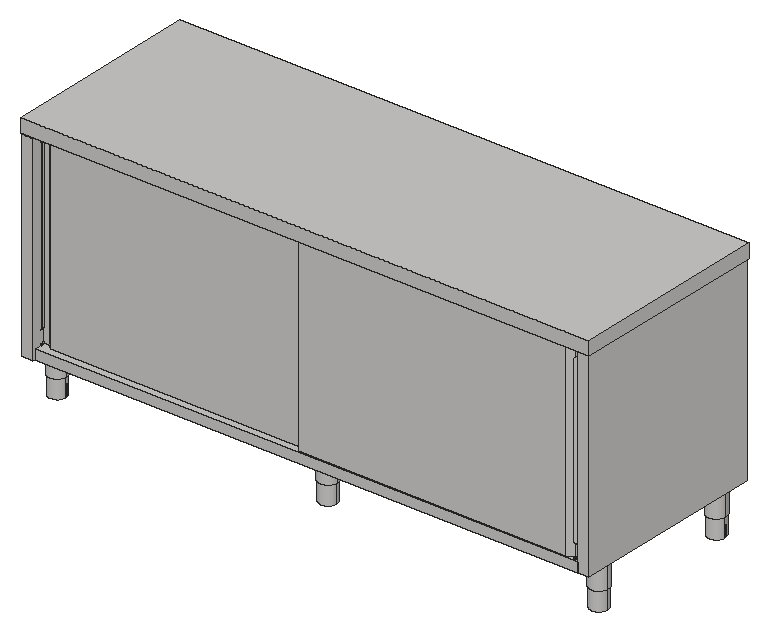
Revit family "QF_ELECTROLUXPROFESSIONAL_132870_MSP2007N", category Attrezzature speciali, Revit 2020
Family settings
  Quota connettore circolare = Usa diametro
  Tipo di parte = Normale
  Basato su piano di lavoro = No
  Sempre verticale = Sì
  Taglio con vuoti quando caricato = No
  Condiviso = No
  Punto di calcolo locali = No
Parameters (values of type "Standard")
  Weight = 75.00 kg
  Watts = 0 W
  Volts = 0 V
  URL Manufacturer = "https://www.electroluxprofessional.com/"
  URL = "https://www.electroluxprofessional.com/"
  Steam Supply Size = 0 mm
  Steam Supply Minimum Pressure = 0.0 Pa
  Steam Supply Maximum Pressure = 0.0 Pa
  Steam Consumption per Hour = 0
  Refrigeration Suction Line Size = 0.0 mm
  Refrigeration Liquid Line Size = 0.0 mm
  Refrigerant Compressor Remote = yes
  Prospetto di default = 0.0 mm
  Phase = 0
  Modello = "MSP2007N"
  Produttore = "Electrolux Professional"
  Length Actual = 2000.0 mm  # constant formula
  Item Number = "132870"
  Hot Water Size = 0 mm
  Height Actual = 900.0 mm  # constant formula
  HP = "0 HP"
  Gas Size = 0 mm
  Gas KW = 0
  Gas Input Pressure = 0 W
  Direct Waste Size = 0 mm
  Descrizione = "WORKTOP CUPBOARD PASSTHROUGH 2000MM"
  Depth Actual = 700.0 mm  # constant formula
  Cycle = 0 Hz
  Condensate Return Size = 0 mm
  Compressed Air Volume = 0.0 L/s
  Compressed Air Size = 0 mm
  Compressed Air Pressure = 0.0 Pa
  Cold Water Size = 0 mm
  Accessory = yes
Reference planes
  plane 1 "Center (Front/Back)": y = 0
  plane 2: z = 0
  plane 3 "Center (Left/Right)": x = -300
  plane 4 "LEFT": x = -1300
  plane 5 "RIGHT": x = 700
  plane 6 "BACK": y = 350
  plane 7 "FRONT": y = -350
  plane 8 "TOP": z = 900
  plane 9: x = -1252
  plane 10: x = 652
  plane 11: y = 270
  plane 12: y = -247
  plane 13 "FEET": z = 150
  plane 14: x = -1254.5
  plane 15: y = -344.5
  plane 16: x = 654.5
  plane 17: x = -326.5
  plane 18: x = -273.5
  plane 19 "BaseTop": z = 850
  plane 20: x = -1294.5
  plane 21: x = 694.5
  plane 22: y = 344.5
Forms (mm)
  Extrusion 1, solid, material "QF_Finishes_Stainless Steel"
    sketch origin (0, 0, 150) x (-1, 0, 0) y (0, -1, 0)
      loop
        line (1294.5, -350) -> (1294.5, 350) -> (1254.5, 350) -> (1254.5, -350) -> (1294.5, -350)
      loop
        line (-654.5, -350) -> (-654.5, 344.5) -> (-694.5, 344.5) -> (-694.5, -350) -> (-654.5, -350)
    from 0 to 700
  Extrusion 2, solid, material "QF_Finishes_Stainless Steel"
    sketch origin (0, 0, 150) x (-1, 0, 0) y (0, -1, 0)
      loop
        line (1254.5, -347) -> (1254.5, 344.5) -> (-654.5, 344.5) -> (-654.5, -347) -> (1254.5, -347)
    from 0 to 35
  Extrusion 3, solid, material "QF_Finishes_Stainless Steel"
    sketch origin (33, 0, 150) x (-1, 0, 0) y (0, -1, 0)
      loop
        line (306.5, 324.5) -> (306.5, 304.5) -> (1285, 304.5) -> (1285, 319.071) -> (1277.942, 326.129) -> (1276.312, 324.5) -> (1283, 317.812) -> (1283, 309.5) -> (1266.034, 309.5) -> (1246.034, 324.5) -> (306.5, 324.5)
    from 700 to 40
  Extrusion 4, void
    sketch origin (0, -350, 0) x (-1, 0, 0) y (0, 0, 1)
      loop
        line (1242.418, 247.973) -> (1242.418, 191.4) -> (1254.5, 191.4) -> (1254.5, 229.369) -> (1242.418, 247.973)
      loop
        line (1242.418, 816.627) -> (1254.5, 835.231) -> (1254.5, 850) -> (1242.418, 850) -> (1242.418, 816.627)
    from 20.5 to 40.5
  Extrusion 5, solid, material "QF_Finishes_Stainless Steel"
    sketch origin (0, 0, 150) x (-1, 0, 0) y (0, -1, 0)
      loop
        line (-654.5, -350) -> (1254.5, -350) -> (1254.5, -327) -> (-654.5, -327) -> (-654.5, -350)
    from 700 to 35
  Extrusion 6, solid, material "QF_Finishes_Stainless Steel"
    sketch origin (0, 0, 850) x (-1, 0, 0) y (0, -1, 0)
      loop
        line (1300, 350) -> (-700, 350) -> (-700, -350) -> (1300, -350) -> (1300, 350)
    from 0 to 50
  Extrusion 7, solid, material "QF_Finishes_Stainless Steel"
    sketch origin (-633, 0, 150) x (1, 0, 0) y (0, 1, 0)
      loop
        line (306.5, -344.5) -> (1246.034, -344.5) -> (1266.034, -329.5) -> (1283, -329.5) -> (1283, -337.812) -> (1276.312, -344.5) -> (1277.942, -346.129) -> (1285, -339.071) -> (1285, -324.5) -> (306.5, -324.5) -> (306.5, -344.5)
    from 700 to 40
  Extrusion 8, void
    sketch origin (-600, -350, 0) x (1, 0, 0) y (0, 0, -1)
      loop
        line (1242.418, -247.973) -> (1254.5, -229.369) -> (1254.5, -191.4) -> (1242.418, -191.4) -> (1242.418, -247.973)
      loop
        line (1242.418, -816.627) -> (1242.418, -850) -> (1254.5, -850) -> (1254.5, -835.231) -> (1242.418, -816.627)
    from 2.538 to 20.5
Cuts and joins
  Extrusion 4, Extrusion 8 cuts Extrusion 3
  Extrusion 8 cuts Extrusion 1
  Extrusion 8 cuts Extrusion 7
Lines and regions (mm)
  symbolic lines, style "SpecialityEquipmentHiddenLines"
    curve 1: line (-1251.5, -324.5, 1600) -> (-1251.5, -329.5, 1600)
    curve 6: line (-326.5, -324.5, 200) -> (-326.5, -344.5, 200)
    curve 7: line (-1252, -304.5, 850) -> (-273.5, -304.5, 850)
    curve 8: line (-273.5, -304.5, 850) -> (-273.5, -324.5, 850)
    curve 9: line (-273.5, -324.5, 850) -> (-1213.034, -324.5, 850)
    curve 10: line (-1213.034, -324.5, 850) -> (-1233.034, -309.5, 850)
    curve 11: line (-1233.034, -309.5, 850) -> (-1252, -309.5, 850)
    curve 12: line (-1252, -309.5, 850) -> (-1252, -304.5, 850)
    curve 13: line (-326.5, -344.5, 850) -> (613.034, -344.5, 850)
    curve 14: line (613.034, -344.5, 850) -> (633.034, -329.5, 850)
    curve 15: line (633.034, -329.5, 850) -> (652, -329.5, 850)
    curve 16: line (652, -329.5, 850) -> (652, -324.5, 850)
    curve 17: line (652, -324.5, 850) -> (-273.5, -324.5, 850)
  symbolic lines, style "SpecialityEquipment"
    curve 2: line (-1300, 350, 850) -> (700, 350, 850)
    curve 3: line (-1300, -350, 850) -> (-1300, 350, 850)
    curve 4: line (700, -350, 850) -> (-1300, -350, 850)
    curve 5: line (700, 350, 850) -> (700, -350, 850)
Dimensions and locks
  plane 4 "LEFT" to plane 5 "RIGHT" = 2000.0 mm
  equal spacing: plane 4 "LEFT", plane 3 "Center (Left/Right)", plane 5 "RIGHT"
  plane 6 "BACK" to plane 7 "FRONT" = 700.0 mm
  equal spacing: plane 6 "BACK", plane 1 "Center (Front/Back)", plane 7 "FRONT"
  locked: plane 13 "FEET" to level at 150
  locked: plane 4 "LEFT" to plane 9 at 48
  locked: plane 10 to plane 5 "RIGHT" at 48
  locked: plane 6 "BACK" to plane 11 at 80
  locked: plane 12 to plane 7 "FRONT" at 103
  locked: plane 8 "TOP" to level at 900
  locked: plane 17 to plane 18 at 53
  equal spacing: plane 17, plane 3 "Center (Left/Right)", plane 18
  locked: plane 8 "TOP" to plane 19 "BaseTop" at 50
  plane 4 "LEFT" to plane 20 = 5.5 mm
  locked: plane 20 to plane 14 at 40
  locked: plane 16 to plane 21 at 40
  locked: plane 21 to plane 5 "RIGHT" at 5.5
  plane 15 to plane 7 "FRONT" = 5.5 mm  (x2)
  plane 6 "BACK" to plane 22 = 5.5 mm
  aligned and locked: level to plane 2
  aligned and locked: plane 9 to nested 1
  aligned and locked: plane 10 to nested 2
  aligned and locked: nested 4 to plane 11
  aligned and locked: plane 9 to nested 3
  aligned and locked: nested 3 to plane 11
  aligned and locked: plane 6 "BACK" to Extrusion 1 sketch curve
  aligned and locked: Extrusion 1 sketch curve to plane 6 "BACK"
  aligned and locked: Extrusion 1 sketch curve to plane 7 "FRONT"
  aligned and locked: plane 14 to Extrusion 1
  aligned and locked: Extrusion 2 to plane 14
  aligned and locked: Extrusion 2 to plane 15
  aligned and locked: nested 1 to plane 12
  aligned and locked: nested 2 to plane 12
  aligned and locked: Extrusion 2 sketch curve to plane 16
  aligned and locked: plane 18 to Extrusion 3
  aligned and locked: nested 4 to nested 2
  aligned and locked: plane 16 to Extrusion 5
  aligned and locked: Extrusion 5 to plane 14
  aligned and locked: plane 19 "BaseTop" to Extrusion 3
  aligned and locked: plane 19 "BaseTop" to Extrusion 5
  aligned and locked: plane 19 "BaseTop" to cut or joined group of Extrusion 1, Extrusion 8
  aligned and locked: plane 19 "BaseTop" to cut or joined group of Extrusion 7, Extrusion 8
  aligned and locked: nested 6 to nested 5
Automatic sketch dimensions
  Extrusion 6 sketch curve to plane 5 "RIGHT" = 0.0 mm
  Extrusion 6 sketch curve to plane 4 "LEFT" = 0.0 mm
  Extrusion 6 sketch curve to plane 6 "BACK" = 0.0 mm
  Extrusion 6 sketch curve to plane 7 "FRONT" = 0.0 mm
  Extrusion 1 sketch curve to plane 15 = 0.0 mm
  Extrusion 1 sketch curve to plane 21 = 0.0 mm
  Extrusion 1 sketch curve to plane 16 = 0.0 mm
  Extrusion 1 sketch curve to plane 14 = 0.0 mm
  Extrusion 1 sketch curve to plane 20 = 0.0 mm
  Extrusion 2 sketch curve to plane 14 = 0.0 mm
  Extrusion 2 sketch curve to plane 15 = 0.0 mm
  plane 22 to Extrusion 2 sketch curve = 2.5 mm
  Extrusion 3 sketch curve to plane 18 = 0.0 mm
  Extrusion 3 sketch curve to plane 9 = 0.0 mm
  plane 9 to Extrusion 3 sketch curve = 38.966 mm
  plane 9 to Extrusion 3 sketch curve = 18.966 mm
  plane 9 to Extrusion 3 sketch curve = 8.688 mm
  Extrusion 3 sketch curve to Extrusion 3 sketch curve = 1.629 mm
  plane 9 to Extrusion 3 sketch curve = 2.0 mm
  plane 15 to Extrusion 3 sketch curve = 40.0 mm
  Extrusion 3 sketch curve to Extrusion 3 sketch curve = 5.0 mm
  Extrusion 3 sketch curve to Extrusion 3 sketch curve = 8.312 mm
  Extrusion 3 sketch curve to Extrusion 3 sketch curve = 1.259 mm
  plane 15 to Extrusion 3 sketch curve = 20.0 mm
  Extrusion 4 sketch curve to plane 19 "BaseTop" = 0.0 mm
  Extrusion 4 sketch curve to plane 14 = 0.0 mm  (x2)
  plane 9 to Extrusion 4 sketch curve = 9.582 mm  (x2)
  Extrusion 4 sketch curve to Extrusion 4 sketch curve = 14.769 mm
  Extrusion 4 sketch curve to Extrusion 4 sketch curve = 18.604 mm  (x2)
  plane 13 "FEET" to Extrusion 4 sketch curve = 97.973 mm
  Extrusion 4 sketch curve to Extrusion 4 sketch curve = 37.969 mm
  plane 9 to curve 1 = 0.5 mm
  plane 15 to curve 1 = 20.0 mm
  curve 1 to curve 1 = 5.0 mm
  curve 6 to plane 15 = 0.0 mm
  curve 6 to plane 17 = 0.0 mm
  plane 15 to curve 6 = 20.0 mm
  Extrusion 5 sketch curve to plane 6 "BACK" = 0.0 mm
  Extrusion 5 sketch curve to plane 16 = 0.0 mm
  Extrusion 5 sketch curve to plane 14 = 0.0 mm
  plane 22 to Extrusion 5 sketch curve = 17.5 mm
  curve 2 to plane 5 "RIGHT" = 0.0 mm
  curve 16 to plane 10 = 0.0 mm
  curve 14 to plane 15 = 0.0 mm
  curve 9 to plane 18 = 0.0 mm
  curve 13 to plane 17 = 0.0 mm
  curve 12 to plane 9 = 0.0 mm
  curve 3 to plane 4 "LEFT" = 0.0 mm
  curve 2 to plane 6 "BACK" = 0.0 mm
  curve 4 to plane 7 "FRONT" = 0.0 mm
  curve 15 to plane 10 = 18.966 mm
  curve 14 to curve 14 = 20.0 mm
  plane 9 to curve 9 = 38.966 mm
  curve 10 to curve 11 = 18.966 mm
  plane 15 to curve 8 = 40.0 mm
  curve 7 to curve 12 = 5.0 mm
  curve 7 to curve 9 = 20.0 mm
  curve 16 to curve 15 = 5.0 mm
  Extrusion 7 sketch curve to plane 17 = 0.0 mm
  Extrusion 7 sketch curve to plane 15 = 0.0 mm  (x2)
  Extrusion 7 sketch curve to plane 10 = 0.0 mm
  plane 10 to Extrusion 7 sketch curve = 38.966 mm
  plane 10 to Extrusion 7 sketch curve = 18.966 mm
  plane 10 to Extrusion 7 sketch curve = 8.688 mm
  plane 15 to Extrusion 7 sketch curve = 1.629 mm
  Extrusion 7 sketch curve to Extrusion 7 sketch curve = 1.629 mm
  plane 10 to Extrusion 7 sketch curve = 2.0 mm
  Extrusion 7 sketch curve to plane 15 = 15.0 mm
  Extrusion 7 sketch curve to Extrusion 7 sketch curve = 5.0 mm
  Extrusion 8 sketch curve to plane 19 "BaseTop" = 0.0 mm
  Extrusion 8 sketch curve to plane 16 = 0.0 mm  (x2)
  plane 10 to Extrusion 8 sketch curve = 9.582 mm  (x2)
  plane 19 "BaseTop" to Extrusion 8 sketch curve = 14.769 mm
  Extrusion 8 sketch curve to Extrusion 8 sketch curve = 18.604 mm  (x2)
  Extrusion 8 sketch curve to plane 13 "FEET" = 97.973 mm
  Extrusion 8 sketch curve to Extrusion 8 sketch curve = 37.969 mm
Nested families
  nested 1: "FEET_D60-150" at (-1252, -247, 0), type "FEET_D60-150"
  nested 2: "FEET_D60-150" at (652, -247, 0), type "FEET_D60-150"
  nested 3: "FEET_D60-150" at (-1252, 270, 0), type "FEET_D60-150"
  nested 4: "FEET_D60-150" at (652, 270, 0), type "FEET_D60-150"
  nested 5: "FEET_D60-150" at (-300, -247, 0), type "FEET_D60-150"
  nested 6: "FEET_D60-150" at (-300, 270, 0), type "FEET_D60-150"
Definition of nested family "FEET_D60-150"
  Parameters
    Default Elevation = 0.0 mm
    FEET = 150.0 mm
  Reference planes
    plane 1 "Center (Front/Back)": y = 0
    plane 2: z = 0
    plane 3 "Center (Left/Right)": x = 0
    plane 4: z = 150
  Forms (mm)
    Extrusion 1, solid
      sketch origin (0, 0, 0) x (1, 0, 0) y (0, 1, 0)
        loop
          circle (0, 0) r 28
      from 0 to 67
    Revolve 2, solid
      sketch origin (0, 0, 0) x (1, 0, 0) y (0, 0, 1)
        loop
          line (0, 0) -> (0, 150) -> (-32.939, 150) -> (-32.939, 67) -> (-30, 67) -> (-30, 0) -> (0, 0)
        axis (0, 150) -> (0, 0)
      angle from 0 to 360
  Lines and regions (mm)
    symbolic lines
      curve 1: line (0, -1.503, 0) -> (0, 1.508, 0)
      curve 2: line (1.561, 0, 0) -> (-1.439, 0, 0)
  Dimensions and locks
    "FEET": plane 4 to plane 2
    aligned and locked: level to plane 2
  Automatic sketch dimensions
    plane 1 "Center (Front/Back)" to Extrusion 1 sketch curve = 0.0 mm
    Extrusion 1 sketch curve to plane 3 "Center (Left/Right)" = 0.0 mm
    plane 1 "Center (Front/Back)" to curve 2 = 0.0 mm
    curve 1 to plane 3 "Center (Left/Right)" = 0.0 mm
    curve 2 to plane 3 "Center (Left/Right)" = 1.439 mm
    plane 3 "Center (Left/Right)" to curve 2 = 1.561 mm
    plane 1 "Center (Front/Back)" to curve 1 = 1.503 mm
    curve 1 to plane 1 "Center (Front/Back)" = 1.508 mm
    Revolve 2 sketch curve to plane 4 = 0.0 mm
    Revolve 2 sketch curve to level = 0.0 mm
    Revolve 2 sketch curve to plane 3 "Center (Left/Right)" = 0.0 mm  (x2)
    Revolve 2 sketch curve to plane 3 "Center (Left/Right)" = 30.0 mm
    Revolve 2 sketch curve to plane 3 "Center (Left/Right)" = 32.939 mm
    level to Revolve 2 sketch curve = 67.0 mm
    Revolve 2 sketch curve to level = 42.207 mm
    Revolve 2 sketch curve to Revolve 2 sketch curve = 10.0 mm
    radius of Extrusion 1 sketch curve = 28.0 mm
